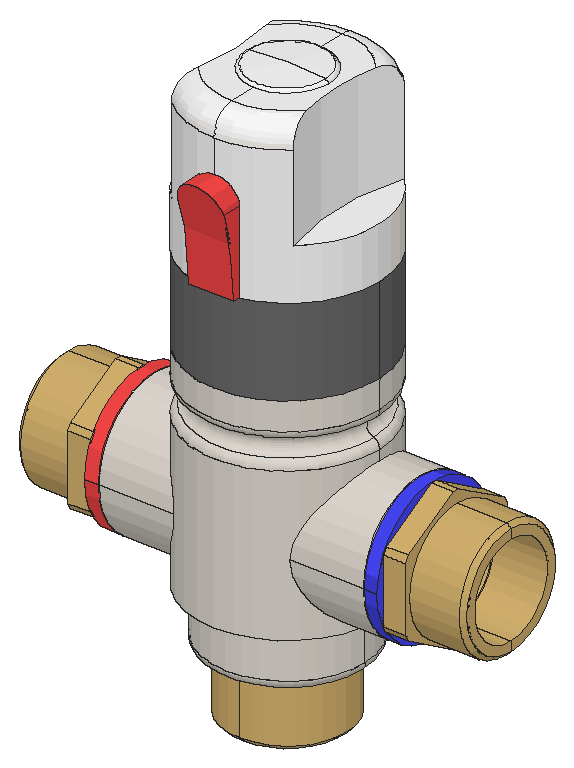
Revit family "PRE030047-FR", category Generic Models, Revit 2015
Parameters
  URL = "http://www.prestodatashare.com/centretelechargement/index.php?lang=FR&refs=29003"
  Titre = "REGULATEUR THERMOSTATIQUE AVEC TEMP. DEBRAYABLE"
  Référence = "29003"
  Raccordement = "G3/4\""
  Profondeur = "161 mm"
  Pression = "2 à 5 bars"
  Polantis code = "PRE030047"
  Manufacturer URL = "http://www.prestodatashare.com/centretelechargement/index.php?lang=FR&refs=29003"
  Lien notice d'utilisation = "http://www.prestodatashare.com/centretelechargement/liste_pieces_detachees_boot.php?lang=FR&ref=29003"
  Lien fiche produit = "http://www.prestodatashare.com/espacedoc/Fiches_Techniques/FR/29003.pdf"
  Lien CCTP = "http://www.prestodatashare.com/centretelechargement/index.php?lang=FR&refs=29003"
  Largeur = "46 mm"
  Hauteur = "109 mm"
  Garantie = "3 ans"
  Finition = "Corps en laiton"
  Finishes 7 = BrassElement
  Finishes 6 = BlueElement
  Finishes 5 = RedElement
  Finishes 4 = GrayElement
  Finishes 3 = DarkElement
  Finishes 2 = WhiteElement
  Finishes 1 = RedElement
  Fabricant = "LES ROBINETS PRESTO S.A."
  Débit = "\"Débit d'eau mitigée à 3 bar : 30L/Mn\nMinimum : 4L/Mn\""
  Description = "Régulateur thermostatique de sécurité 3/4\" avec butée de température"
  Company = "PRESTO"
  Adresse = "7, RUE RACINE - 92542 MONTROUGE CEDEX FRANCE"
Reference planes (cm)
  plane 1 "Center (Front/Back)": y = 0
  plane 2: z = 0
  plane 3 "Center (Left/Right)": x = 0
  plane 4: x = -3.2189
  plane 5: x = -2.9189
  plane 6: x = 2.9189
  plane 7: x = -2.0195
  plane 8: z = 5.1774
  plane 9: z = 3.1774
  plane 10: x = 3.2189
  plane 11: z = 5.1774
  plane 12: z = 3.1774
Forms (cm)
  Extrusion 1, solid, material "GrayElement" <- "Finishes 4"
    sketch origin (0, -0.5925, 0) x (0, 1, 0) y (0, 0, 1)
      loop
        circle (0.5925, 4.1687) r 1.5551
      loop
        circle (0.5925, 4.1705) r 1.007
    from -2.9189 to 2.9189
  Extrusion 2, solid, material "BrassElement" <- "Finishes 7"
    sketch origin (0, -0.5925, 0) x (0, 1, 0) y (0, 0, -1)
      loop
        line (1.901, -5.0125) -> (1.9775, -4.8801) -> (1.9775, -3.4574) -> (1.901, -3.325) -> (0.669, -2.6136) -> (0.516, -2.6136) -> (-0.716, -3.325) -> (-0.7925, -3.4574) -> (-0.7925, -4.8801) -> (-0.716, -5.0125) -> (0.516, -5.7239) -> (0.669, -5.7239) -> (1.901, -5.0125)
      loop
        circle (0.5925, -4.1705) r 1.007
    from 3.2189 to 3.7189
  Extrusion 3, solid, material "RedElement" <- "Finishes 5"
    sketch origin (-0.3, -0.5925, 0) x (0, 1, 0) y (0, 0, 1)
      loop
        circle (0.5925, 4.1687) r 1.5551
      loop
        circle (0.5925, 4.1705) r 1.007
    from -2.9189 to -2.6189
  Revolve 4, solid, material "BrassElement" <- "Finishes 7"
    sketch origin (0, -0.5925, 0) x (0, 1, 0) y (0, 0, 1)
      loop
        line (1.8983, 1.4063) -> (1.6983, 1.4063) -> (1.6983, 0) -> (1.7979, 0) -> (1.8983, 0.1005) -> (1.8983, 1.4063)
      axis (0.5925, 1.4063) -> (0.5925, 0)
    angle from 0 to 360
  Revolve 5, solid, material "GrayElement" <- "Finishes 4"
    sketch origin (0, 0, 0) x (1, 0, 0) y (0, 0, 1)
      loop
        line (-1.7045, 2.4862) -> (-1.7045, 1.6072)
        arc (-1.7045, 1.6072) -> (-1.6456, 1.4652) -> (-1.5036, 1.4063) r 0.2009
        line (-1.5036, 1.4063) -> (0.0026, 1.4063) -> (0.0026, 7.3148) -> (-2.0195, 7.3148) -> (-2.0195, 6.7044)
        arc (-2.0195, 6.7044) -> (-1.9833, 6.5893) -> (-1.8875, 6.5159) r 0.2006
        arc (-1.8875, 6.5159) -> (-1.7468, 6.3148) -> (-1.8875, 6.1138) r 0.2139
        arc (-1.8875, 6.1138) -> (-1.9833, 6.0403) -> (-2.0195, 5.9252) r 0.2006
        line (-2.0195, 5.9252) -> (-2.0195, 2.5866) -> (-1.8049, 2.5866)
        arc (-1.8049, 2.5866) -> (-1.7339, 2.5572) -> (-1.7045, 2.4862) r 0.1004
      axis (0.0026, 7.3148) -> (0.0026, 1.4063)
    angle from 0 to 360
  Revolve 6, solid, material "DarkElement" <- "Finishes 3"
    sketch origin (0, 0, 0) x (1, 0, 0) y (0, 0, 1)
      loop
        line (-2.0195, 7.3148) -> (0.0022, 7.3148) -> (0.0022, 9.2415) -> (-2.0195, 9.2415) -> (-2.0195, 7.3148)
      axis (0.0022, 7.3148) -> (0.0022, 9.2415)
    angle from 0 to 360
  Revolve 7, solid, material "WhiteElement" <- "Finishes 2"
    sketch origin (0, 0, 0) x (1, 0, 0) y (0, 0, 1)
      loop
        line (-0.9054, 12.7573) -> (0, 12.7573) -> (0, 12.8577)
        arc (0, 12.8577) -> (-0.4191, 12.8496) -> (-0.8369, 12.8144) r 6.4973
        arc (-0.8369, 12.8144) -> (-0.878, 12.7941) -> (-0.9054, 12.7573) r 0.0986
      axis (0, 12.8577) -> (0, 12.7573)
    angle from 0 to 360
  Extrusion 8, solid, material "RedElement" <- "Finishes 1"
    sketch origin (0, -0.5925, 0) x (1, 0, 0) y (0, 0, 1)
      loop
        line (-0.4936, 9.2415) -> (0.5007, 9.2415) -> (0.5007, 11.0443)
        arc (0.5007, 11.0443) -> (0.0035, 11.5414) -> (-0.4936, 11.0443) r 0.4971
        line (-0.4936, 11.0443) -> (-0.4936, 9.2415)
    from 1.3672 to 2.1164
  Extrusion 9, void
    sketch origin (0, -0.5925, 0) x (0, 1, 0) y (0, 0, 1)
      loop
        line (-2.2943, 12.1753) -> (-2.2943, 9.0829) -> (-1.5041, 9.0829)
        arc (-1.5041, 9.0829) -> (-1.6898, 10.6826) -> (-2.2943, 12.1753) r 6.0012
    from -2.2 to 2.2
  Revolve 10, solid, material "WhiteElement" <- "Finishes 2"
    sketch origin (0, -0.5925, 0) x (0, 1, 0) y (0, 0, 1)
      loop
        line (2.6143, 9.2415) -> (2.6143, 12.2573)
        arc (2.6143, 12.2573) -> (2.4678, 12.6109) -> (2.1143, 12.7573) r 0.5
        line (2.1143, 12.7573) -> (0.5925, 12.7573) -> (0.5925, 9.2415) -> (2.6143, 9.2415)
      axis (0.5925, 12.7573) -> (0.5925, 9.2415)
    angle from 0 to 360
  Extrusion 11, void
    sketch origin (0, -0.5925, 0) x (1, 0, 0) y (0, 1, 0)
      loop
        line (-2.4189, 4.0499) -> (-2.4189, -2.8649)
        arc (-2.4189, -2.8649) -> (-1.1198, 0.5925) -> (-2.4189, 4.0499) r 5.2506
      loop
        arc (2.4189, 4.0499) -> (1.1198, 0.5925) -> (2.4189, -2.8649) r 5.2506
        line (2.4189, -2.8649) -> (2.4189, 4.0499)
    from 10.3708 to 12.8144
  Revolve 12, solid, material "BrassElement" <- "Finishes 7"
    sketch origin (0, 0, 0) x (-1, 0, 0) y (0, 0, -1)
      loop
        line (3.7189, -5.4746) -> (4.8239, -5.4746) -> (4.9244, -5.3774) -> (4.9244, -5.1774) -> (3.7189, -5.1774) -> (3.7189, -5.4746)
      axis (3.7189, -4.1705) -> (4.9244, -4.1705)
    angle from 0 to 360
  Extrusion 13, solid, material "BrassElement" <- "Finishes 7"
    sketch origin (0, -0.5925, 0) x (0, 1, 0) y (0, 0, 1)
      loop
        line (1.901, 5.0125) -> (0.669, 5.7239) -> (0.516, 5.7239) -> (-0.716, 5.0125) -> (-0.7925, 4.8801) -> (-0.7925, 3.4574) -> (-0.716, 3.325) -> (0.516, 2.6136) -> (0.669, 2.6136) -> (1.901, 3.325) -> (1.9775, 3.4574) -> (1.9775, 4.8801) -> (1.901, 5.0125)
      loop
        circle (0.5925, 4.1705) r 1.007
    from 3.2189 to 3.7189
  Extrusion 14, solid, material "BlueElement" <- "Finishes 6"
    sketch origin (0.3, -0.5925, 0) x (0, 1, 0) y (0, 0, -1)
      loop
        circle (0.5925, -4.1687) r 1.5551
      loop
        circle (0.5925, -4.1705) r 1.007
    from -2.9189 to -2.6189
  Revolve 15, solid, material "BrassElement" <- "Finishes 7"
    sketch origin (0, 0, 0) x (1, 0, 0) y (0, 0, 1)
      loop
        line (3.7189, 5.4746) -> (3.7189, 5.1774) -> (4.9244, 5.1774) -> (4.9244, 5.3774) -> (4.8239, 5.4746) -> (3.7189, 5.4746)
      axis (3.7189, 4.1705) -> (4.9244, 4.1705)
    angle from 0 to 360
  Extrusion 16, void
    sketch origin (0, -0.5925, 0) x (0, 1, 0) y (0, 0, 1)
      loop
        circle (0.5925, 4.1705) r 1.007
    from -2.2 to 2.2
Cuts and joins
  Extrusion 9 cuts Extrusion 8
  Extrusion 11, Extrusion 16 cuts Extrusion 1
  Extrusion 11 cuts Revolve 4
  Extrusion 11, Extrusion 16 cuts Revolve 5
  Extrusion 11 cuts Revolve 6
  Extrusion 11 cuts Revolve 10
